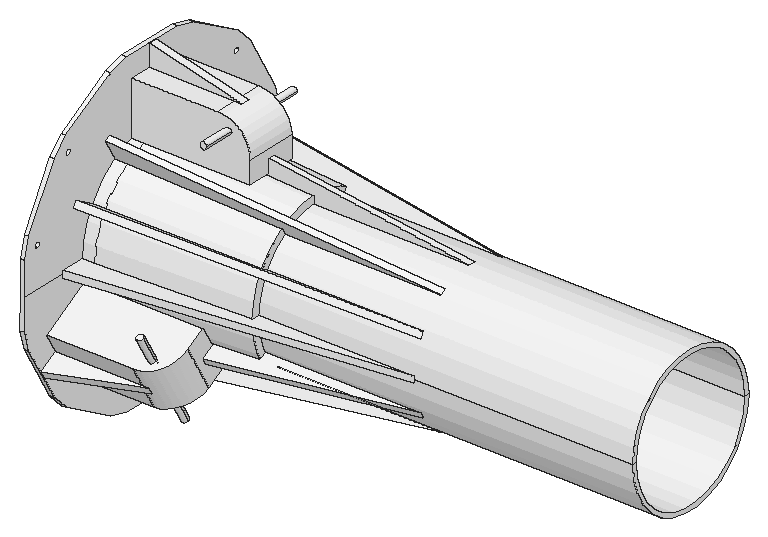
Revit family "H50S-RR", category Pipe Accessories, Revit 2016
Family settings
  Part Type = Normal
  Round Connector Dimension = Use Diameter
  Work Plane-Based = No
  Always vertical = No
  Cut with Voids When Loaded = No
  Shared = No
Parameters
  URL = "http://www.snapcollars.com.au"
  Model = "H50S-RR"
  Manufacturer = "Snap Fire Systems"
  Description = "The H50S-RR is a high-top, cast-in fire collar for concrete slabs 150mm or thicker."
  Cut Depth Offset [instance] = -1 * (Cut Depth + 1 mm)  # -1 mm
  Cut Depth [instance] = 0 mm
Reference planes
  plane 1 "Center (Front/Back)": y = 0
  plane 2: z = 0
  plane 3 "Center (Left/Right)": x = 20
  plane 4: x = -230
  plane 5: x = -163.372
  plane 6: y = 90.593
  plane 7: y = -50
  plane 8: y = 100.593
  plane 9: y = -60
  plane 10: x = -183.052
  plane 11: x = -79.975
Forms (mm)
  Revolve 1, solid, material "PVC-White", detail levels medium+fine
    sketch origin (0, 0, 0) x (1, 0, 0) y (0, 1, 0)
      loop
        line (21, -31.5) -> (-152, -31.5) -> (-222.776, -38.749) -> (-230, -38.749) -> (-230, -75) -> (-227.967, -75) -> (-227.967, -40.636) -> (-221.904, -40.636) -> (-152, -36.972) -> (-152, -33.5) -> (21, -33.5) -> (21, -31.5)
      axis (-230, 0) -> (21, 0)
    angle from 0 to 360
  Extrusion 2, void
    sketch origin (-227.967, 0, 0) x (0, 1, 0) y (0, 0, -1)
      loop
        line (-19.703, -73.533) -> (19.703, -73.533) -> (53.83, -53.83) -> (73.533, -19.703) -> (73.533, 19.703) -> (53.83, 53.83) -> (19.703, 73.533) -> (-19.703, 73.533) -> (-53.83, 53.83) -> (-73.533, 19.703) -> (-73.533, -19.703) -> (-53.83, -53.83) -> (-19.703, -73.533)
      loop
        circle (0, 0) r 84.908
    from 0 to 2.033
  Extrusion 3, solid, material "PVC-White", detail levels medium+fine
    sketch origin (0, 0, 0) x (1, 0, 0) y (0, 0, 1)
      loop
        line (-227.967, 63.668) -> (-227.967, 38.668) -> (-172.967, 38.668) -> (-172.967, 48.668)
        arc (-172.967, 48.668) -> (-177.361, 59.275) -> (-187.967, 63.668) r 15
        line (-187.967, 63.668) -> (-227.967, 63.668)
    from -12 to 12
  Extrusion 4, solid, material "PVC-White", detail levels fine
    sketch origin (0, 0, 0) x (1, 0, 0) y (0, 0, 1)
      loop
        line (-227.967, 73.533) -> (-227.967, 63.668) -> (-184.924, 63.668) -> (-227.967, 73.533)
    from -2 to 2
  Extrusion 5, solid, material "PVC-White", not visible, detail levels fine
    sketch origin (0, 0, 0) x (1, 0, 0) y (0, 0, 1)
      loop
        line (-80, 60.418) -> (-227.967, 86.048) -> (-227.967, 69.12) -> (-80, 60.418)
    from -1.5 to 1.5
  Extrusion 6, solid, material "PVC-White", not visible, detail levels fine
    sketch origin (0, 0, 0) x (1, 0, 0) y (0, -0.5, 0.866025)
      loop
        line (-80, 60.418) -> (-227.967, 86.048) -> (-227.967, 69.12) -> (-80, 60.418)
    from -1.5 to 1.5
  Extrusion 7, solid, material "PVC-White", not visible, detail levels fine
    sketch origin (0, 0, 0) x (1, 0, 0) y (0, -0.866025, 0.5)
      loop
        line (-80, 60.418) -> (-227.967, 86.048) -> (-227.967, 69.12) -> (-80, 60.418)
    from -1.5 to 1.5
  Extrusion 8, solid, material "PVC-White", not visible, detail levels fine
    sketch origin (0, 0, 0) x (0, -1, 0) y (-1, 0, 0)
      loop
        line (60.418, 80) -> (86.048, 227.967) -> (69.12, 227.967) -> (60.418, 80)
    from -1.5 to 1.5
  Extrusion 9, solid, material "PVC-White", not visible, detail levels fine
    sketch origin (0, 0, 0) x (1, 0, 0) y (0, -0.866025, -0.5)
      loop
        line (-80, 60.418) -> (-227.967, 86.048) -> (-227.967, 69.12) -> (-80, 60.418)
    from -1.5 to 1.5
  Extrusion 10, solid, material "PVC-White", not visible, detail levels fine
    sketch origin (0, 0, 0) x (1, 0, 0) y (0, -0.5, -0.866025)
      loop
        line (-80, 60.418) -> (-227.967, 86.048) -> (-227.967, 69.12) -> (-80, 60.418)
    from -1.5 to 1.5
  Extrusion 11, solid, material "PVC-White", not visible, detail levels fine
    sketch origin (0, 0, 0) x (1, 0, 0) y (0, 0, -1)
      loop
        line (-80, 60.418) -> (-227.967, 86.048) -> (-227.967, 69.12) -> (-80, 60.418)
    from -1.5 to 1.5
  Extrusion 12, solid, material "PVC-White", not visible, detail levels fine
    sketch origin (0, 0, 0) x (1, 0, 0) y (0, 0.5, -0.866025)
      loop
        line (-80, 60.418) -> (-227.967, 86.048) -> (-227.967, 69.12) -> (-80, 60.418)
    from -1.5 to 1.5
  Extrusion 13, solid, material "PVC-White", not visible, detail levels fine
    sketch origin (0, 0, 0) x (1, 0, 0) y (0, 0.866025, -0.5)
      loop
        line (-80, 60.418) -> (-227.967, 86.048) -> (-227.967, 69.12) -> (-80, 60.418)
    from -1.5 to 1.5
  Extrusion 14, solid, material "PVC-White", not visible, detail levels fine
    sketch origin (0, 0, 0) x (1, 0, 0) y (0, 1, 0)
      loop
        line (-80, 60.418) -> (-227.967, 86.048) -> (-227.967, 69.12) -> (-80, 60.418)
    from -1.5 to 1.5
  Extrusion 15, solid, material "PVC-White", not visible, detail levels fine
    sketch origin (0, 0, 0) x (1, 0, 0) y (0, 0.866025, 0.5)
      loop
        line (-80, 60.418) -> (-227.967, 86.048) -> (-227.967, 69.12) -> (-80, 60.418)
    from -1.5 to 1.5
  Extrusion 16, solid, material "PVC-White", not visible, detail levels fine
    sketch origin (0, 0, 0) x (1, 0, 0) y (0, 0.5, 0.866025)
      loop
        line (-80, 60.418) -> (-227.967, 86.048) -> (-227.967, 69.12) -> (-80, 60.418)
    from -1.5 to 1.5
  Extrusion 17, solid, material "PVC-White", detail levels fine
    sketch origin (-25.899, 0, -22.494) x (1, 0, 0) y (0, 0, 1)
      loop
        circle (-157.362, 79.878) r 1.5
    from -26 to 26
  Extrusion 18, solid, material "PVC-White", detail levels fine
    sketch origin (0, 0, 0) x (1, 0, 0) y (0, 0, -1)
      loop
        line (-80.051, -33.5) -> (-152, -33.5) -> (-152, -36.972) -> (-221.904, -40.606) -> (-227.967, -40.606) -> (-227.967, -51.95) -> (-80.051, -33.5)
    from -1.5 to 1.5
  Extrusion 19, solid, material "PVC-White", detail levels fine
    sketch origin (0, 0, 0) x (1, 0, 0) y (0, -0.5, -0.866025)
      loop
        line (-80.051, -33.5) -> (-152, -33.5) -> (-152, -36.972) -> (-221.904, -40.606) -> (-227.967, -40.606) -> (-227.967, -51.95) -> (-80.051, -33.5)
    from -1.5 to 1.5
  Extrusion 20, solid, material "PVC-White", detail levels fine
    sketch origin (0, 0, 0) x (1, 0, 0) y (0, -0.866025, -0.5)
      loop
        line (-80.051, -33.5) -> (-152, -33.5) -> (-152, -36.972) -> (-221.904, -40.606) -> (-227.967, -40.606) -> (-227.967, -51.95) -> (-80.051, -33.5)
    from -1.5 to 1.5
  Extrusion 21, solid, material "PVC-White", detail levels fine
    sketch origin (0, 0, 0) x (0, -1, 0) y (-1, 0, 0)
      loop
        line (-33.5, 80.051) -> (-33.5, 152) -> (-36.972, 152) -> (-40.606, 221.904) -> (-40.606, 227.967) -> (-51.95, 227.967) -> (-33.5, 80.051)
    from -1.5 to 1.5
  Extrusion 22, solid, material "PVC-White", detail levels fine
    sketch origin (0, 0, 0) x (1, 0, 0) y (0, -0.866025, 0.5)
      loop
        line (-80.051, -33.5) -> (-152, -33.5) -> (-152, -36.972) -> (-221.904, -40.606) -> (-227.967, -40.606) -> (-227.967, -51.95) -> (-80.051, -33.5)
    from -1.5 to 1.5
  Extrusion 23, solid, material "PVC-White", detail levels fine
    sketch origin (0, 0, 0) x (1, 0, 0) y (0, -0.5, 0.866025)
      loop
        line (-80.051, -33.5) -> (-152, -33.5) -> (-152, -36.972) -> (-221.904, -40.606) -> (-227.967, -40.606) -> (-227.967, -51.95) -> (-80.051, -33.5)
    from -1.5 to 1.5
  Extrusion 24, solid, material "PVC-White", detail levels fine
    sketch origin (0, 0, 0) x (1, 0, 0) y (0, 0, 1)
      loop
        line (-80.051, -33.5) -> (-152, -33.5) -> (-152, -36.972) -> (-221.904, -40.606) -> (-227.967, -40.606) -> (-227.967, -51.95) -> (-80.051, -33.5)
    from -1.5 to 1.5
  Extrusion 25, solid, material "PVC-White", detail levels fine
    sketch origin (0, 0, 0) x (1, 0, 0) y (0, 0.5, 0.866025)
      loop
        line (-80.051, -33.5) -> (-152, -33.5) -> (-152, -36.972) -> (-221.904, -40.606) -> (-227.967, -40.606) -> (-227.967, -51.95) -> (-80.051, -33.5)
    from -1.5 to 1.5
  Extrusion 26, solid, material "PVC-White", detail levels fine
    sketch origin (0, 0, 0) x (1, 0, 0) y (0, 0.866025, 0.5)
      loop
        line (-80.051, -33.5) -> (-152, -33.5) -> (-152, -36.972) -> (-221.904, -40.606) -> (-227.967, -40.606) -> (-227.967, -51.95) -> (-80.051, -33.5)
    from -1.5 to 1.5
  Extrusion 27, solid, material "PVC-White", detail levels fine
    sketch origin (0, 0, 0) x (1, 0, 0) y (0, 1, 0)
      loop
        line (-80.051, -33.5) -> (-152, -33.5) -> (-152, -36.972) -> (-221.904, -40.606) -> (-227.967, -40.606) -> (-227.967, -51.95) -> (-80.051, -33.5)
    from -1.5 to 1.5
  Extrusion 28, solid, material "PVC-White", detail levels fine
    sketch origin (0, 0, 0) x (1, 0, 0) y (0, 0.866025, -0.5)
      loop
        line (-80.051, -33.5) -> (-152, -33.5) -> (-152, -36.972) -> (-221.904, -40.606) -> (-227.967, -40.606) -> (-227.967, -51.95) -> (-80.051, -33.5)
    from -1.5 to 1.5
  Extrusion 29, solid, material "PVC-White", detail levels fine
    sketch origin (0, 0, 0) x (1, 0, 0) y (0, 0.5, -0.866025)
      loop
        line (-80.051, -33.5) -> (-152, -33.5) -> (-152, -36.972) -> (-221.904, -40.606) -> (-227.967, -40.606) -> (-227.967, -51.95) -> (-80.051, -33.5)
    from -1.5 to 1.5
  Extrusion 30, solid, material "PVC-White", detail levels medium+fine
    sketch origin (0, 0, 0) x (1, 0, 0) y (0, 0.866025, -0.5)
      loop
        line (-227.967, 63.668) -> (-227.967, 38.668) -> (-172.967, 38.668) -> (-172.967, 48.668)
        arc (-172.967, 48.668) -> (-177.361, 59.275) -> (-187.967, 63.668) r 15
        line (-187.967, 63.668) -> (-227.967, 63.668)
    from -12 to 12
  Extrusion 31, solid, material "PVC-White", detail levels fine
    sketch origin (0, 0, 0) x (1, 0, 0) y (0, 0.866025, -0.5)
      loop
        line (-227.967, 73.533) -> (-227.967, 63.668) -> (-184.924, 63.668) -> (-227.967, 73.533)
    from -2 to 2
  Extrusion 32, solid, material "PVC-White", detail levels fine
    sketch origin (-25.899, -19.481, 11.247) x (1, 0, 0) y (0, 0.866025, -0.5)
      loop
        circle (-157.362, 79.878) r 1.5
    from -26 to 26
  Extrusion 33, solid, material "PVC-White", detail levels medium+fine
    sketch origin (0, 0, 0) x (1, 0, 0) y (0, -0.866025, -0.5)
      loop
        line (-227.967, 63.668) -> (-227.967, 38.668) -> (-172.967, 38.668) -> (-172.967, 48.668)
        arc (-172.967, 48.668) -> (-177.361, 59.275) -> (-187.967, 63.668) r 15
        line (-187.967, 63.668) -> (-227.967, 63.668)
    from -12 to 12
  Extrusion 34, solid, material "PVC-White", detail levels fine
    sketch origin (0, 0, 0) x (1, 0, 0) y (0, -0.866025, -0.5)
      loop
        line (-227.967, 73.533) -> (-227.967, 63.668) -> (-184.924, 63.668) -> (-227.967, 73.533)
    from -2 to 2
  Extrusion 35, solid, material "PVC-White", detail levels fine
    sketch origin (-25.899, 19.481, 11.247) x (1, 0, 0) y (0, -0.866025, -0.5)
      loop
        circle (-157.362, 79.878) r 1.5
    from -26 to 26
  Extrusion 36, void
    sketch origin (-227.967, 0, 0) x (0, -1, 0) y (0, 0, -1)
      loop
        circle (-48.826, -48.292) r 1.5
      loop
        circle (-66.43, -17.409) r 1.5
      loop
        circle (66.235, -18.139) r 1.5
      loop
        circle (48.292, -48.826) r 1.5
    from 0 to -2.033
Cuts and joins
  Extrusion 2, Extrusion 36 cuts Revolve 1
Dimensions and locks
  plane 4 to plane 3 "Center (Left/Right)" = 250 mm
  Extrusion 5 sketch curve to Extrusion 5 sketch curve = 0 mm
  Extrusion 6 sketch curve to Extrusion 6 sketch curve = 0 mm
  Extrusion 7 sketch curve to Extrusion 7 sketch curve = 0 mm
  Extrusion 8 sketch curve to Extrusion 8 sketch curve = 0 mm
  Extrusion 9 sketch curve to Extrusion 9 sketch curve = 0 mm
  Extrusion 10 sketch curve to Extrusion 10 sketch curve = 0 mm
  Extrusion 11 sketch curve to Extrusion 11 sketch curve = 0 mm
  Extrusion 12 sketch curve to Extrusion 12 sketch curve = 0 mm
  Extrusion 13 sketch curve to Extrusion 13 sketch curve = 0 mm
  Extrusion 14 sketch curve to Extrusion 14 sketch curve = 0 mm
  Extrusion 15 sketch curve to Extrusion 15 sketch curve = 0 mm
  Extrusion 16 sketch curve to Extrusion 16 sketch curve = 0 mm
  aligned and locked: level to plane 2
  aligned and locked: plane 1 "Center (Front/Back)" to Revolve 1 sketch curve
Connectors
  piping at (-183.052, 0, 0), diameter 50
    settings: on plane 10, index 4, connector inside diameter 609.6 mm, connector length 0 mm, flow factor 0, pipe flow 0.0 L/s, pressure drop 0.0 Pa, fitting loss kfactor 0, connector angle 0.00°, fixture units 0, engagement length 0 mm, angle of deflection 0.00°, flow configuration 0, flow direction 0, fitting loss method 0, system type 7, joint type 0, gender type 0, connector reference index -1, connector utility 0, adjustable connector no, is connector primary yes, connector description ""
  piping at (-163.372, 0, 0), diameter 50
    settings: on plane 5, index 5, connector inside diameter 609.6 mm, connector length 0 mm, flow factor 0, pipe flow 0.0 L/s, pressure drop 0.0 Pa, fitting loss kfactor 0, connector angle 0.00°, fixture units 0, engagement length 0 mm, angle of deflection 0.00°, flow configuration 0, flow direction 0, fitting loss method 0, system type 7, joint type 0, gender type 0, connector reference index -1, connector utility 0, adjustable connector no, is connector primary no, connector description ""
